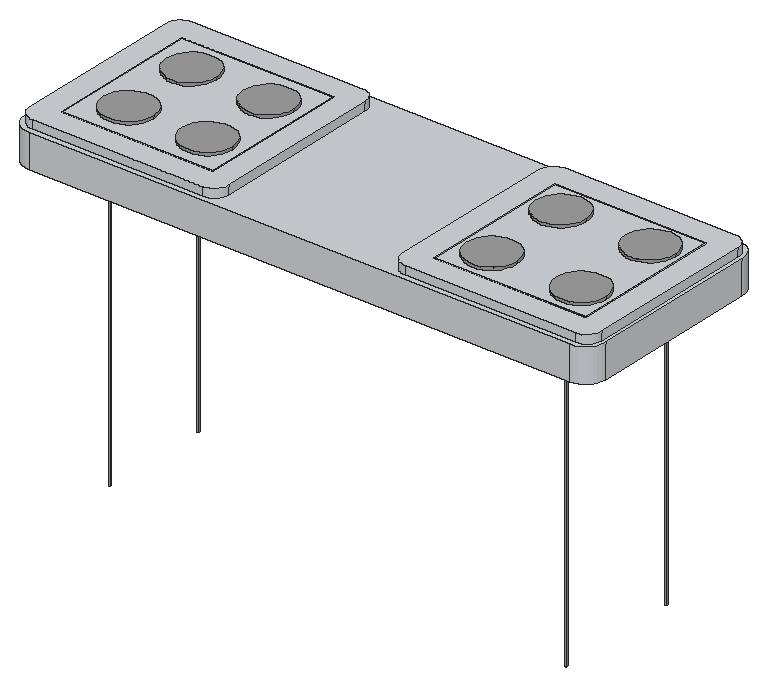
Revit family "Lighting-Industriale-GEWISS-SMART[4]HLO_APPARECCHI-LED_2M_DALI", category Apparecchi per illuminazione, Revit 2019
Family settings
  Quota connettore circolare = Usa diametro
  Tipo di parte = Normale
  Numero OmniClass = 23.80.70.00
  Titolo OmniClass = Lighting
  Basato su piano di lavoro = Sì
  Sempre verticale = No
  Taglio con vuoti quando caricato = No
  Sorgente d'illuminazione = No
  Condiviso = No
  Punto di calcolo locali = No
Parameters (values of type "GWS4223BQ857 - SMART4HB 2M C.PAS.DALI HLO ELL.57K")
  Voltaggio = 230 V
  Viti esterne = "Acciaio inox"
  Versione file RFA = "20.11"
  Vano di alimentazione = "Integrato"
  URL = "https://www.gewiss.com/it/it"
  Tolleranza cromatica = "SDCM = 3"
  Tipologia sorgente luminosa = "LED - Non sostituibile"
  Tipo di installazione e montaggio = "Plafone - Parete - Sospensione"
  Tipo di apparecchio = "Riflettore industriale a LED&nbsp;"
  Tensione di alimentazione = "220 - 240 V"
  Temperatura di stoccaggio = "-40 +70 °C"
  Temperatura di esercizio = "-30°C ÷ +50 °C"
  Temperatura di colore = "5700K"
  Superficie massima esposta al vento : = "0,184 m²"
  Spostamento_y_etichetta [instance] = 0 mm
  Spostamento_y_effettivo_etichetta [instance] = 1500 mm - Spostamento_y_etichetta  # 1500 mm
  Spostamento_x_etichetta [instance] = 0 mm
  Spostamento_X_effettivo_etichetta [instance] = 1500 mm - Spostamento_x_etichetta  # 1500 mm
  SostituibilitÃ  piastra di cablaggio = "Non sostituibile"
  SostituibilitÃ  gruppo ottico = "Non sostituibile"
  Sistema di controllo : = "DALI"
  Sistema di controllo = "1 x DALI DT6"
  Schermo = "Vetro Temprato Spessore 4mm"
  Scheda Tecnica = "https://www.gewiss.com/it/it/search?q=GWS4223BQ857"
  SEO = "High bay"
  Resistenza al filo incandescente = "850 °C"
  Resistenza agli urti = "IK08"
  Produttore = "GEWISS S.p.A."
  Potenza di sistema = "125W"
  Peso (kg): = "6,5"
  Ottica = "Ellittica"
  Offset etichetta W [instance] = 150 mm
  Norma di riferimento = "EN 60598-1 ; EN 60598-2-1 ; EN 60598-2-24"
  Modello = "GWS4223BQ857"
  Materiali = "-"
  Lumen output (lm) = "16000"
  Lampada = "LED"
  Installazione e manutenzione = "-"
  Informazioni generali = "-"
  Indice di resa cromatica = "CRI-80"
  Inclinazione = "Con accessorio staffa"
  Immagine tipo = GWL1311.jpg
  IPEA = "-"
  IFC.TypeObject = ""
  IFC.ExportType = ""
  IFC.ExportAs = ""
  IDT = "39c294b6b8a14fd39c4f066ec01eb55a"
  IDF = "a8eec59c-6afa-41b9-83ec-62c64bb69aaf"
  Guarnizioni = "tipo siliconico antinvecchiamento "
  Gruppo ottico = "Riflettore in PC metallizzato e lenti in PMMA"
  Grado di protezione = "IP66"
  Garanzia = "5 anni"
  Gancio di chiusura = "-"
  Frequenza nominale (Hz) = "50/60 Hz"
  Fissaggio = "-"
  Finitura colore = "Grigio RAL 7035"
  Etichetta wattaggio [instance] = yes
  Trasformatore = none
  Struttura plafoniera = none
  Spessore plafoniera = 40 mm  # constant formula
  Default Elevation = 1219.2 mm  # constant formula
  Proiettsmart2_simb [instance] = yes
  Plafoniera bidimensionale [instance] = not(Proiettsmart2_simb)  # no
  Efficienza luminosa (lm/W) = "128"
  Durata di vita = "L90B10 (Tq+25°C) = 100.000 h - L90B10 (Tq+50°C) = 50.000 h"
  Dispositivo di protezione = "DM 6 kV / CM 10 kV"
  Descrizione = "SMART[4]HB 2M C.PAS.DALI HLO ELL.57K"
  Creato da GEWISS S.p.A. = ""
  Corpo = "PA6 “Halogen Free” caricato fibra vetro"
  Controllo abbagliamento e luminanza = "-"
  Contesto = "Illuminazione di industrie e impianti sportivi"
  Commenti sul wattaggio = "97W"
  Colore = "Grigio RAL 7035"
  Codice digitale univoco (Datamatrix) = "Datamatrix"
  Codice Electrocod = "2444"
  Classificazione: = "-"
  Classificazione = Lighting
  Classe isolamento = "I"
  Classe fotobiologica = "RG0"
  Certificazioni e classificazioni = "-"
  Certificazione DIN 18032-3 = "Con Staffa - Kit Funi + morsetto (in approvazione)"
  Catalogo = "LIGHTING"
  Carico apparente = 97 VA
  Motore = none
  Mascherina = none
  Lunghezza = 699 mm  # constant formula
  Larghezza = 254 mm  # constant formula
  Distanza_tot_plafoniera [instance] = 350 mm
  Dist_sorg_lum = 10 mm  # constant formula
  Caratteristiche ottiche e illuminotecniche = "-"
  Caratteristiche elettriche e gestione della luce = "-"
  Cablaggio = "Con connettore stagno Gw connect"
  COBie.Tagnumber = ""
  COBie.CreatedOn = ""
  COBie.CreatebBy = ""
  COBie.ComponentRegisterItemID = ""
  COBie.Component.TagNumber = ""
  COBie.Component.Space = ""
  COBie.Component.SerialNumber = ""
  COBie.Component.InstallationDate = ""
  COBie.Component.Description = ""
  COBie.Component.BarCode = ""
  Applicazione = "Interno"
  Apparecchio a ridotta temperatura superficiale = "Si"
  Alimentatore = "Incluso"
Types (36, lengths in mm): name | Temperatura di colore | Scheda Tecnica | SEO | Ottica | Modello | Lumen output (lm) | IDT | Gruppo ottico | Efficienza luminosa (lm/W) | Descrizione | Controllo abbagliamento e luminanza
  GWS4221BA830 - SMART4HB 2M ST.AL.DALI HLO ARR.30K | "3000K" | "https://www.gewiss.com/it/it/search?q=GWS4221BA830" | "" | "Array" | "GWS4221BA830" | "17200" | "305e0802b2884175b0874d66c9454589" | "Riflettore in PC metallizzato" | "138" | "SMART[4]HB 2M ST.AL.DALI HLO ARR.30K" | "-"
  GWS4221BA840 - SMART4HB 2M ST.AL.DALI HLO ARR.40K | "4000K" | "https://www.gewiss.com/it/it/search?q=GWS4221BA840" | "" | "Array" | "GWS4221BA840" | "18000" | "48319b3e242d4ee285eba191c9bc2b0f" | "Riflettore in PC metallizzato" | "144" | "SMART[4]HB 2M ST.AL.DALI HLO ARR.40K" | "-"
  GWS4221BA857 - SMART4HB 2M ST.AL.DALI HLO ARR.57K | "5700K" | "https://www.gewiss.com/it/it/search?q=GWS4221BA857" | "" | "Array" | "GWS4221BA857" | "18000" | "3c1aeb9812f744e1b2b858ce26ab9a16" | "Riflettore in PC metallizzato" | "144" | "SMART[4]HB 2M ST.AL.DALI HLO ARR.57K" | "-"
  GWS4221BC830 - SMART4HB 2M ST.AL.DALI HLO ASI.30K | "3000K" | "https://www.gewiss.com/it/it/search?q=GWS4221BC830" | "High bay" | "Asimmetrica" | "GWS4221BC830" | "15300" | "7c4953b1abbe41f4958dd8a6f2de9172" | "Riflettore in PC metallizzato e lenti in PMMA" | "122" | "SMART[4]HB 2M ST.AL.DALI HLO ASI.30K" | "-"
  GWS4221BC840 - SMART4HB 2M ST.AL.DALI HLO ASI.40K | "4000K" | "https://www.gewiss.com/it/it/search?q=GWS4221BC840" | "High bay" | "Asimmetrica" | "GWS4221BC840" | "16000" | "e99936a2076548a6b28538c318da1b29" | "Riflettore in PC metallizzato e lenti in PMMA" | "128" | "SMART[4]HB 2M ST.AL.DALI HLO ASI.40K" | "-"
  GWS4221BC857 - SMART4HB 2M ST.AL.DALI HLO ASI.57K | "5700K" | "https://www.gewiss.com/it/it/search?q=GWS4221BC857" | "High bay" | "Asimmetrica" | "GWS4221BC857" | "16000" | "32a4a94094b94617b264ea332f4f5866" | "Riflettore in PC metallizzato e lenti in PMMA" | "128" | "SMART[4]HB 2M ST.AL.DALI HLO ASI.57K" | "-"
  GWS4221BF830 - SMART4HB 2M ST.AL.DALI HLO 30° 30K | "3000K" | "https://www.gewiss.com/it/it/search?q=GWS4221BF830" | "" | "30°" | "GWS4221BF830" | "16800" | "5d796a9debff438fbed19822c3126807" | "Riflettore in PC metallizzato e lenti in PMMA" | "134" | "SMART[4]HB 2M ST.AL.DALI HLO 30° 30K" | "UGR - 19"
  GWS4221BF840 - SMART4HB 2M ST.AL.DALI HLO 30° 40K | "4000K" | "https://www.gewiss.com/it/it/search?q=GWS4221BF840" | "" | "30°" | "GWS4221BF840" | "17600" | "3dde815b2b5e4de4a401dcf715a18fa9" | "Riflettore in PC metallizzato e lenti in PMMA" | "141" | "SMART[4]HB 2M ST.AL.DALI HLO 30° 40K" | "UGR - 19"
  GWS4221BF857 - SMART4HB 2M ST.AL.DALI HLO 30° 57K | "5700K" | "https://www.gewiss.com/it/it/search?q=GWS4221BF857" | "" | "30°" | "GWS4221BF857" | "17600" | "257de16ae83b4cedbe76fd9b6356118a" | "Riflettore in PC metallizzato e lenti in PMMA" | "141" | "SMART[4]HB 2M ST.AL.DALI HLO 30° 57K" | "UGR - 19"
  GWS4221BH830 - SMART4HB 2M ST.AL.DALI HLO 60° 30K | "3000K" | "https://www.gewiss.com/it/it/search?q=GWS4221BH830" | "" | "60°" | "GWS4221BH830" | "16900" | "10869d9e82b04fc0b956685fb65c71b2" | "Riflettore in PC metallizzato e lenti in PMMA" | "135" | "SMART[4]HB 2M ST.AL.DALI HLO 60° 30K" | "UGR - 22"
  GWS4221BH840 - SMART4HB 2M ST.AL.DALI HLO 60° 40K | "4000K" | "https://www.gewiss.com/it/it/search?q=GWS4221BH840" | "" | "60°" | "GWS4221BH840" | "17700" | "f1c80ae7559e4c568e0ba52d3bc9e502" | "Riflettore in PC metallizzato e lenti in PMMA" | "142" | "SMART[4]HB 2M ST.AL.DALI HLO 60° 40K" | "UGR - 22"
  GWS4221BH857 - SMART4HB 2M ST.AL.DALI HLO 60° 57K | "5700K" | "https://www.gewiss.com/it/it/search?q=GWS4221BH857" | "" | "60°" | "GWS4221BH857" | "17700" | "61e26b36097849a9ba1caefbbecaa66f" | "Riflettore in PC metallizzato e lenti in PMMA" | "142" | "SMART[4]HB 2M ST.AL.DALI HLO 60° 57K" | "UGR - 22"
  GWS4221BP830 - SMART4HB 2M ST.AL.DALI HLO 90° 30K | "3000K" | "https://www.gewiss.com/it/it/search?q=GWS4221BP830" | "" | "90°" | "GWS4221BP830" | "17200" | "8468c4e85319452487319a8fe9c7d5da" | "Riflettore in PC metallizzato e lenti in PMMA" | "138" | "SMART[4]HB 2M ST.AL.DALI HLO 90° 30K" | "UGR - 25"
  GWS4221BP840 - SMART4HB 2M ST.AL.DALI HLO 90° 40K | "4000K" | "https://www.gewiss.com/it/it/search?q=GWS4221BP840" | "" | "90°" | "GWS4221BP840" | "18000" | "f79bd0b1581246f18cf113cb2fa03b1b" | "Riflettore in PC metallizzato e lenti in PMMA" | "144" | "SMART[4]HB 2M ST.AL.DALI HLO 90° 40K" | "UGR - 25"
  GWS4221BP857 - SMART4HB 2M ST.AL.DALI HLO 90° 57K | "5700K" | "https://www.gewiss.com/it/it/search?q=GWS4221BP857" | "" | "90°" | "GWS4221BP857" | "18000" | "e50bbcf79bf04bb5a448bffeeb5c8177" | "Riflettore in PC metallizzato e lenti in PMMA" | "144" | "SMART[4]HB 2M ST.AL.DALI HLO 90° 57K" | "UGR - 25"
  GWS4221BQ830 - SMART4HB 2M ST.AL.DALI HLO ELL.30K | "3000K" | "https://www.gewiss.com/it/it/search?q=GWS4221BQ830" | "High bay" | "Ellittica" | "GWS4221BQ830" | "15300" | "fa7b02eb74d142a69aadf27734c070be" | "Riflettore in PC metallizzato e lenti in PMMA" | "122" | "SMART[4]HB 2M ST.AL.DALI HLO ELL.30K" | "-"
  GWS4221BQ840 - SMART4HB 2M ST.AL.DALI HLO ELL.40K | "4000K" | "https://www.gewiss.com/it/it/search?q=GWS4221BQ840" | "High bay" | "Ellittica" | "GWS4221BQ840" | "16000" | "fe351b05a0584da595ccc50c46de26b2" | "Riflettore in PC metallizzato e lenti in PMMA" | "128" | "SMART[4]HB 2M ST.AL.DALI HLO ELL.40K" | "-"
  GWS4221BQ857 - SMART4HB 2M ST.AL.DALI HLO ELL.57K | "5700K" | "https://www.gewiss.com/it/it/search?q=GWS4221BQ857" | "High bay" | "Ellittica" | "GWS4221BQ857" | "16000" | "955ba562132b47e784c48787841d2224" | "Riflettore in PC metallizzato e lenti in PMMA" | "128" | "SMART[4]HB 2M ST.AL.DALI HLO ELL.57K" | "-"
  GWS4223BA830 - SMART4HB 2M C.PAS.DALI HLO ARR.30K | "3000K" | "https://www.gewiss.com/it/it/search?q=GWS4223BA830" | "" | "Array" | "GWS4223BA830" | "17200" | "09dd760ece9d4a65acaa602b856d1918" | "Riflettore in PC metallizzato" | "138" | "SMART[4]HB 2M C.PAS.DALI HLO ARR.30K" | "-"
  GWS4223BA840 - SMART4HB 2M C.PAS.DALI HLO ARR.40K | "4000K" | "https://www.gewiss.com/it/it/search?q=GWS4223BA840" | "" | "Array" | "GWS4223BA840" | "18000" | "d71b1d5af3e145a4a84e8baba757184d" | "Riflettore in PC metallizzato" | "144" | "SMART[4]HB 2M C.PAS.DALI HLO ARR.40K" | "-"
  GWS4223BA857 - SMART4HB 2M C.PAS.DALI HLO ARR.57K | "5700K" | "https://www.gewiss.com/it/it/search?q=GWS4223BA857" | "" | "Array" | "GWS4223BA857" | "18000" | "9a65faef871548169786bdd6eff75723" | "Riflettore in PC metallizzato" | "144" | "SMART[4]HB 2M C.PAS.DALI HLO ARR.57K" | "-"
  GWS4223BC830 - SMART4HB 2M C.PAS.DALI HLO ASI.30K | "3000K" | "https://www.gewiss.com/it/it/search?q=GWS4223BC830" | "High bay" | "Asimmetrica" | "GWS4223BC830" | "15300" | "bacae56842af4feb960765c1a2b9d270" | "Riflettore in PC metallizzato e lenti in PMMA" | "122" | "SMART[4]HB 2M C.PAS.DALI HLO ASI.30K" | "-"
  GWS4223BC840 - SMART4HB 2M C.PAS.DALI HLO ASI.40K | "4000K" | "https://www.gewiss.com/it/it/search?q=GWS4223BC840" | "High bay" | "Asimmetrica" | "GWS4223BC840" | "16000" | "3c3e554b3ea249ee9d799c9974c81e16" | "Riflettore in PC metallizzato e lenti in PMMA" | "128" | "SMART[4]HB 2M C.PAS.DALI HLO ASI.40K" | "-"
  GWS4223BC857 - SMART4HB 2M C.PAS.DALI HLO ASI.57K | "5700K" | "https://www.gewiss.com/it/it/search?q=GWS4223BC857" | "High bay" | "Asimmetrica" | "GWS4223BC857" | "16000" | "668010aa2dbd41f8aef7a826e166a478" | "Riflettore in PC metallizzato e lenti in PMMA" | "128" | "SMART[4]HB 2M C.PAS.DALI HLO ASI.57K" | "-"
  GWS4223BF830 - SMART4HB 2M C.PAS.DALI HLO 30° 30K | "3000K" | "https://www.gewiss.com/it/it/search?q=GWS4223BF830" | "" | "30°" | "GWS4223BF830" | "16800" | "c2b793b1af36458690d7cd9fce4669f2" | "Riflettore in PC metallizzato e lenti in PMMA" | "134" | "SMART[4]HB 2M C.PAS.DALI HLO 30° 30K" | "UGR - 19"
  GWS4223BF840 - SMART4HB 2M C.PAS.DALI HLO 30° 40K | "4000K" | "https://www.gewiss.com/it/it/search?q=GWS4223BF840" | "" | "30°" | "GWS4223BF840" | "17600" | "da9d660181c14e68a118e0de6e40edab" | "Riflettore in PC metallizzato e lenti in PMMA" | "141" | "SMART[4]HB 2M C.PAS.DALI HLO 30° 40K" | "UGR - 19"
  GWS4223BF857 - SMART4HB 2M C.PAS.DALI HLO 30° 57K | "5700K" | "https://www.gewiss.com/it/it/search?q=GWS4223BF857" | "" | "30°" | "GWS4223BF857" | "17600" | "c8d049504ebf4cf1a9a7d355a2686192" | "Riflettore in PC metallizzato e lenti in PMMA" | "141" | "SMART[4]HB 2M C.PAS.DALI HLO 30° 57K" | "UGR - 19"
  GWS4223BH830 - SMART4HB 2M C.PAS.DALI HLO 60° 30K | "3000K" | "https://www.gewiss.com/it/it/search?q=GWS4223BH830" | "" | "60°" | "GWS4223BH830" | "16900" | "4d4218b0c72d4efaaca4012e7a23380b" | "Riflettore in PC metallizzato e lenti in PMMA" | "135" | "SMART[4]HB 2M C.PAS.DALI HLO 60° 30K" | "UGR - 22"
  GWS4223BH840 - SMART4HB 2M C.PAS.DALI HLO 60° 40K | "4000K" | "https://www.gewiss.com/it/it/search?q=GWS4223BH840" | "" | "60°" | "GWS4223BH840" | "17700" | "568d756372c746129af189eb7106c012" | "Riflettore in PC metallizzato e lenti in PMMA" | "142" | "SMART[4]HB 2M C.PAS.DALI HLO 60° 40K" | "UGR - 22"
  GWS4223BH857 - SMART4HB 2M C.PAS.DALI HLO 60° 57K | "5700K" | "https://www.gewiss.com/it/it/search?q=GWS4223BH857" | "" | "60°" | "GWS4223BH857" | "17700" | "cceff376ef5b4e8995f045f2c5f3c4ba" | "Riflettore in PC metallizzato e lenti in PMMA" | "142" | "SMART[4]HB 2M C.PAS.DALI HLO 60° 57K" | "UGR - 22"
  GWS4223BP830 - SMART4HB 2M C.PAS.DALI HLO 90° 30K | "3000K" | "https://www.gewiss.com/it/it/search?q=GWS4223BP830" | "" | "90°" | "GWS4223BP830" | "17200" | "2d2d75176468466c8814f44ae1f5afd7" | "Riflettore in PC metallizzato e lenti in PMMA" | "138" | "SMART[4]HB 2M C.PAS.DALI HLO 90° 30K" | "UGR - 25"
  GWS4223BP840 - SMART4HB 2M C.PAS.DALI HLO 90° 40K | "4000K" | "https://www.gewiss.com/it/it/search?q=GWS4223BP840" | "" | "90°" | "GWS4223BP840" | "18000" | "082f14df5728403b94540236ceea066b" | "Riflettore in PC metallizzato e lenti in PMMA" | "144" | "SMART[4]HB 2M C.PAS.DALI HLO 90° 40K" | "UGR - 25"
  GWS4223BP857 - SMART4HB 2M C.PAS.DALI HLO 90° 57K | "5700K" | "https://www.gewiss.com/it/it/search?q=GWS4223BP857" | "" | "90°" | "GWS4223BP857" | "18000" | "5ca4f557298944859cfae75bda091273" | "Riflettore in PC metallizzato e lenti in PMMA" | "144" | "SMART[4]HB 2M C.PAS.DALI HLO 90° 57K" | "UGR - 25"
  GWS4223BQ830 - SMART4HB 2M C.PAS.DALI HLO ELL.30K | "3000K" | "https://www.gewiss.com/it/it/search?q=GWS4223BQ830" | "High bay" | "Ellittica" | "GWS4223BQ830" | "15300" | "af831e7ad3cb431ba3228858a17b9c0a" | "Riflettore in PC metallizzato e lenti in PMMA" | "122" | "SMART[4]HB 2M C.PAS.DALI HLO ELL.30K" | "-"
  GWS4223BQ840 - SMART4HB 2M C.PAS.DALI HLO ELL.40K | "4000K" | "https://www.gewiss.com/it/it/search?q=GWS4223BQ840" | "High bay" | "Ellittica" | "GWS4223BQ840" | "16000" | "e7a13dc711434b819b8df68dc097b4dc" | "Riflettore in PC metallizzato e lenti in PMMA" | "128" | "SMART[4]HB 2M C.PAS.DALI HLO ELL.40K" | "-"
  GWS4223BQ857 - SMART4HB 2M C.PAS.DALI HLO ELL.57K | "5700K" | "https://www.gewiss.com/it/it/search?q=GWS4223BQ857" | "High bay" | "Ellittica" | "GWS4223BQ857" | "16000" | "39c294b6b8a14fd39c4f066ec01eb55a" | "Riflettore in PC metallizzato e lenti in PMMA" | "128" | "SMART[4]HB 2M C.PAS.DALI HLO ELL.57K" | "-"
Reference planes
  plane 1 "Asse sorgente illuminazione (F/B)": y = 0
  plane 2: z = 0
  plane 3 "Asse sorgente illuminazione (L/R)": x = 0
  plane 4 "Prospetto sorgente di illuminazione": z = 1500
  plane 5: x = -349.5
  plane 6: y = 127
  plane 7: x = 349.5
  plane 8: y = -127
  plane 9: x = 344.5
  plane 10: x = -344.5
  plane 11: x = -104.5
  plane 12: x = 104.5
  plane 13: y = -1500
  plane 14: z = 390
  plane 15: z = 390
  plane 16: z = 400
  plane 17: z = 350
  plane 18: y = 0
  plane 19: x = -1500
  plane 20: x = 0
Dimensions and locks
  equal spacing: plane 6, plane 1 "Asse sorgente illuminazione (F/B)", plane 8
  "Larghezza": plane 6 to plane 8
  equal spacing: plane 5, plane 3 "Asse sorgente illuminazione (L/R)", plane 7
  "Lunghezza": plane 5 to plane 7
  locked: plane 5 to plane 10 at 5
  locked: plane 9 to plane 7 at 5
  locked: plane 16 to plane 14 at 10
  locked: plane 15 to plane 17 at 40
  "Distanza_tot_plafoniera": plane 17 to plane 2
  plane 1 "Asse sorgente illuminazione (F/B)" to plane 13 = 1500 mm
  "Spostamento_y_effettivo_etichetta": plane 18 to plane 13
  plane 19 to plane 3 "Asse sorgente illuminazione (L/R)" = 1500 mm
  "Spostamento_X_effettivo_etichetta": plane 19 to plane 20
  aligned and locked: level to plane 2
  aligned and locked: nested 15 to plane 14
  aligned and locked: plane 14 to nested 16
  aligned and locked: plane 16 to nested 8
  aligned and locked: nested 6 to plane 16
  aligned and locked: plane 16 to nested 7
  aligned and locked: nested 5 to plane 16
  aligned and locked: nested 3 to plane 16
  aligned and locked: plane 16 to nested 1
  aligned and locked: nested 4 to plane 16
  aligned and locked: plane 16 to nested 2
  aligned and locked: nested 11 to plane 2  (x2)
  aligned and locked: nested 10 to plane 2
  aligned and locked: nested 9 to plane 2
  aligned and locked: plane 14 to plane 15
  aligned and locked: plane 17 to nested 14
  aligned and locked: nested 17 to plane 18
  aligned and locked: nested 17 to plane 20
  aligned and locked: plane 2 to nested 18
  aligned and locked: plane 2 to nested 11
Nested families
  nested 1: "Gewis - Led" at (171.717, 52, 403), type "Gewis - Led", detail levels medium+fine
  nested 2: "Gewis - Led" at (279.5, 52, 403), type "Gewis - Led", detail levels medium+fine
  nested 3: "Gewis - Led" at (171.717, -52, 403), type "Gewis - Led", detail levels medium+fine
  nested 4: "Gewis - Led" at (279.5, -52, 403), type "Gewis - Led", detail levels medium+fine
  nested 5: "Gewis - Led" at (-174.5, 45, 403) x (-1, 0, 0) z (0, 0, 1), type "Gewis - Led", detail levels medium+fine
  nested 6: "Gewis - Led" at (-269.5, 47.625, 403) x (-1, 0, 0) z (0, 0, 1), type "Gewis - Led", detail levels medium+fine
  nested 7: "Gewis - Led" at (-174.5, -47.089, 403) x (-1, 0, 0) z (0, 0, 1), type "Gewis - Led", detail levels medium+fine
  nested 8: "Gewis - Led" at (-269.5, -47.089, 403) x (-1, 0, 0) z (0, 0, 1), type "Gewis - Led", detail levels medium+fine
  nested 9: "Sospensione_ SMART LAB 4" at (274.838, 81.5, 0), Altezza sospensione <- "Distanza_tot_plafoniera", type "Sospensione_ SMART LAB 4"
    with Altezza sospensione 350 mm, Default Elevation 350 mm
  nested 10: "Sospensione_ SMART LAB 4" at (274.838, -69, 0), Altezza sospensione <- "Distanza_tot_plafoniera", type "Sospensione_ SMART LAB 4"
    with Altezza sospensione 350 mm, Default Elevation 350 mm
  nested 11: "Sospensione_ SMART LAB 4" at (-276.662, -66.5, 0), Altezza sospensione <- "Distanza_tot_plafoniera", type "Sospensione_ SMART LAB 4"
    with Altezza sospensione 350 mm, Default Elevation 350 mm
  nested 12: "PROIETTSMART - 2" at (0, 0, 0), visible <- "Proiettsmart2_simb", type "PROIETTSMART - 2"
  nested 13: "Rappr_ bidimensionale_SMART (4)  4 + 4 L " at (0, 0, 0), visible <- "Plafoniera bidimensionale", type "SMART (4)  4 + 4 L_bidimensionale "
  nested 14: "Struttura_SMART 4" at (0, 0, 390), type "SMART 4 HB - 4+4L"
  nested 15: "mascherina_SMART (4)" at (-224.5, 0, 400) x (-1, 0, 0) z (0, 0, 1), type "Maschera_smart (4) 4L", detail levels fine
  nested 16: "mascherina_SMART (4)" at (224.5, 0, 400), type "Maschera_smart (4) 4L", detail levels fine
  nested 17: "ETICHETTA LIGHT" at (0, 0, 0), type "ETICHETTA LIGHT"
  nested 18: "Sospensione_ SMART LAB 4" at (-276.662, 66.5, 0), Altezza sospensione <- "Distanza_tot_plafoniera", type "Sospensione_ SMART LAB 4"
    with Altezza sospensione 350 mm, Default Elevation 350 mm
Connectors
  electrical at (0.009, -0.098, 350), driven by "Carico apparente"
    settings: on nested 14, index 1, voltage 230 V, apparent load 0 VA, apparent load phase1 97 VA, apparent load phase2 0 VA, apparent load phase3 0 VA, power factor 1, load classification "Lighting", number of poles 2, system type 31, power factor state 1, is connector primary yes, connector utility no, sub classification motor no, connector description ""
Definition of nested family "Gewis - Led"
  Parameters (values of type "Gewis - Led")
    Vetro = none
    Raggio led = 30 mm
    Default Elevation = 1219.2 mm
    Estensione vetro = 3 mm
  Reference planes
    plane 1 "Centro (Fronte/Retro)": y = 0
    plane 2: z = 0
    plane 3 "Centro (Sinistra/Destra)": x = 0
  Forms (mm)
    Extrusion 1, solid, material <- "Vetro"
      sketch origin (0, 0, 0) x (1, 0, 0) y (0, 1, 0)
        loop
          circle (0, 0) r 30
      from -3 to 0
  Dimensions and locks
    "Estensione vetro": level to Extrusion 1
    "Raggio led": radius of Extrusion 1 sketch curve
    aligned and locked: level to plane 2
    aligned and locked: level to Extrusion 1
  Automatic sketch dimensions
    plane 1 "Centro (Fronte/Retro)" to Extrusion 1 sketch curve = 0 mm
    Extrusion 1 sketch curve to plane 3 "Centro (Sinistra/Destra)" = 0 mm
Definition of nested family "Sospensione_ SMART LAB 4"
  Parameters (values of type "Sospensione_ SMART LAB 4")
    Default Elevation = 400 mm
    Altezza sospensione [instance] = 500 mm
  Reference planes
    plane 1 "Center (Front/Back)": y = 0
    plane 2: z = 0
    plane 3 "Center (Left/Right)": x = 0
    plane 4: z = 500
    plane 5: z = 30.7
  Forms (mm)
    Extrusion 1, solid
      sketch origin (0, 0, 0) x (1, 0, 0) y (0, 1, 0)
        loop
          circle (0, -0.028) r 1.25
      from 0 to 500
  Lines and regions (mm)
    model lines, not visible
      curve 1: line (0, 0, 0) -> (0, 0, 9.482)
  Dimensions and locks
    "Altezza sospensione": plane 4 to level
    plane 2 to plane 4 = 500 mm
    aligned and locked: level to plane 2
    aligned and locked: Extrusion 1 to plane 2
    aligned and locked: plane 4 to Extrusion 1
  Automatic sketch dimensions
    Extrusion 1 sketch curve to plane 3 "Center (Left/Right)" = 0 mm
    plane 1 "Center (Front/Back)" to Extrusion 1 sketch curve = 0.028 mm
    curve 1 to plane 3 "Center (Left/Right)" = 0 mm
    curve 1 to level = 0 mm
    curve 1 to curve 1 = 9.482 mm
    radius of Extrusion 1 sketch curve = 1.25 mm
Definition of nested family "Struttura_SMART 4"
  Parameters (values of type "SMART 4 HB - 4+4L")
    Struttura plafoniera = none
    Spessore_plafoniera = 40 mm
    Lunghezza = 699 mm
    Larghezza = 254 mm
  Types (2, lengths in mm): name | Lunghezza | Larghezza
    SMART Lab (4) 4L | 383 | 253
    SMART 4 HB - 4+4L | 699 | 254
  Reference planes
    plane 1 "Asse sorgente illuminazione (F/B)": y = 0
    plane 2: z = 0
    plane 3 "Asse sorgente illuminazione (L/R)": x = 0
    plane 4 "Prospetto sorgente di illuminazione": z = -40
    plane 5 "SX": x = -349.5
    plane 6 "DX": x = 349.5
    plane 7 "DIETRO": y = 127
    plane 8 "AVANTI": y = -127
    plane 9: x = 106.5
    plane 10: x = 338.5
    plane 11: y = -116
    plane 12: y = 116
    plane 13: x = -338.5
    plane 14: x = -106.5
  Forms (mm)
    Extrusion 1, solid, material <- "Struttura plafoniera"
      sketch origin (0, 0, 0) x (1, 0, 0) y (0, 1, 0)
        loop
          line (349.5, -102.595) -> (349.5, 102.59)
          arc (349.5, 102.59) -> (342.35, 119.85) -> (325.09, 127) r 24.41
          line (325.09, 127) -> (-325.009, 127)
          arc (-325.009, 127) -> (-342.554, 119.6) -> (-349.5, 101.871) r 24.499
          line (-349.5, 101.871) -> (-349.5, -102.592)
          arc (-349.5, -102.592) -> (-342.351, -119.851) -> (-325.092, -127) r 24.408
          line (-325.092, -127) -> (325.117, -127)
          arc (325.117, -127) -> (342.334, -119.868) -> (349.465, -102.652) r 24.348
      from -40 to 0
  Dimensions and locks
    equal spacing: plane 5 "SX", plane 3 "Asse sorgente illuminazione (L/R)", plane 6 "DX"
    equal spacing: plane 7 "DIETRO", plane 1 "Asse sorgente illuminazione (F/B)", plane 8 "AVANTI"
    "Lunghezza": plane 5 "SX" to plane 6 "DX"
    "Larghezza": plane 7 "DIETRO" to plane 8 "AVANTI"
    locked: plane 7 "DIETRO" to plane 12 at 11
    locked: plane 11 to plane 8 "AVANTI" at 11
    locked: plane 10 to plane 6 "DX" at 11
    locked: plane 9 to plane 10 at 232
    plane 13 to plane 14 = 232 mm
    locked: plane 5 "SX" to plane 13 at 11
    "Spessore_plafoniera": plane 2 to plane 4 "Prospetto sorgente di illuminazione"
    aligned and locked: level to plane 2
    aligned and locked: Extrusion 1 to plane 5 "SX"
    aligned and locked: Extrusion 1 to plane 8 "AVANTI"  (x2)
    aligned and locked: plane 7 "DIETRO" to Extrusion 1
    aligned and locked: plane 6 "DX" to Extrusion 1
    aligned and locked: plane 4 "Prospetto sorgente di illuminazione" to Extrusion 1
    aligned and locked: plane 2 to Extrusion 1
  Automatic sketch dimensions
    Extrusion 1 sketch curve to plane 5 "SX" = 0 mm
    Extrusion 1 sketch curve to plane 8 "AVANTI" = 0 mm
    Extrusion 1 sketch curve to plane 7 "DIETRO" = 0 mm
    Extrusion 1 sketch curve to plane 6 "DX" = 0 mm
    plane 13 to Extrusion 1 sketch curve = 13.408 mm
    plane 13 to Extrusion 1 sketch curve = 13.491 mm
    Extrusion 1 sketch curve to plane 10 = 13.41 mm
    Extrusion 1 sketch curve to plane 10 = 13.383 mm
    plane 11 to Extrusion 1 sketch curve = 13.348 mm
    Extrusion 1 sketch curve to plane 12 = 14.129 mm
    Extrusion 1 sketch curve to Extrusion 1 sketch curve = 0.056 mm
Definition of nested family "mascherina_SMART (4)"
  Parameters (values of type "Maschera_smart (4) 4L")
    Spessore_mascherina = 10 mm
    Default Elevation = 1219.2 mm
    N.intarsi = (Lunghezza_mascherina - (Bordo * 2)) / 15 mm  # 12
    N._intarsi verticale = (Larghezza_mascherina - (Bordo * 2)) / 17 mm  # 11
    Mascherina = none
    Lunghezza_mascherina = 240 mm
    Larghezza_mascherina = 240 mm
    Distanza_intarsi v. = 41 mm  # constant formula
    Distanza_intarsi = 37 mm  # constant formula
    Bordo = 29 mm
  Reference planes
    plane 1 "Centro (Fronte/Retro)": y = 0
    plane 2: z = 0
    plane 3 "Centro (Sinistra/Destra)": x = 0
    plane 4: x = -120
    plane 5 "Dietro": y = 120
    plane 6: x = 120
    plane 7: y = -120
    plane 8: x = -91
    plane 9: y = -91
    plane 10: x = 91
    plane 11: y = 91
    plane 12: x = -83
    plane 13: y = 94.742
    plane 14: y = -95
    plane 15: z = -10
    plane 16: x = -95
    plane 17: y = 79
    plane 18: y = -79
    plane 19: x = 95
    plane 20: z = -4.799
  Forms (mm)
    Extrusion 1, solid, material <- "Mascherina"
      sketch origin (0, 0, 0) x (1, 0, 0) y (0, 1, 0)
        loop
          arc (-102.5, 120) -> (-114.874, 114.874) -> (-120, 102.5) r 17.5
          line (-120, 102.5) -> (-120, -102.5)
          arc (-120, -102.5) -> (-114.874, -114.874) -> (-102.5, -120) r 17.5
          line (-102.5, -120) -> (102.5, -120)
          arc (102.5, -120) -> (114.874, -114.874) -> (120, -102.5) r 17.5
          line (120, -102.5) -> (120, 102.5)
          arc (120, 102.5) -> (114.874, 114.874) -> (102.5, 120) r 17.5
          line (102.5, 120) -> (-102.5, 120)
        loop
          line (-91, 91) -> (-91, -91) -> (91, -91) -> (91, 91) -> (-91, 91)
      from -10 to 0
    Extrusion 2, solid, material <- "Mascherina"
      sketch origin (0, 0, 0) x (1, 0, 0) y (0, 1, 0)
        loop
          line (-91, 91) -> (-91, -91) -> (91, -91) -> (91, 91) -> (-91, 91)
      from -4.799 to 0
  Dimensions and locks
    equal spacing: plane 4, plane 3 "Centro (Sinistra/Destra)", plane 6
    "Lunghezza_mascherina": plane 4 to plane 6
    equal spacing: plane 5 "Dietro", plane 1 "Centro (Fronte/Retro)", plane 7
    "Larghezza_mascherina": plane 5 "Dietro" to plane 7
    "Bordo": plane 4 to plane 8
    "Bordo": plane 9 to plane 7
    "Bordo": plane 5 "Dietro" to plane 11
    "Bordo": plane 10 to plane 6
    "Distanza_intarsi": plane 4 to plane 12
    locked: plane 13 to plane 11 at 3.742
    "Spessore_mascherina": plane 2 to plane 15
    "Distanza_intarsi v.": plane 5 "Dietro" to plane 17
    "Distanza_intarsi v.": plane 18 to plane 7
    locked: plane 9 to plane 14 at 4
    locked: plane 16 to plane 8 at 4
    locked: plane 10 to plane 19 at 4
    locked: plane 2 to plane 20 at 4.799
    radius of Extrusion 1 sketch curve = 17.5 mm  (x4)
    aligned and locked: level to plane 2
    aligned and locked: plane 4 to Extrusion 1 sketch curve
    aligned and locked: plane 6 to Extrusion 1 sketch curve
    aligned and locked: Extrusion 1 sketch curve to plane 5 "Dietro"
    aligned and locked: Extrusion 1 sketch curve to plane 7
    aligned and locked: Extrusion 1 sketch curve to plane 11
    aligned and locked: plane 8 to Extrusion 1 sketch curve
    aligned and locked: plane 9 to Extrusion 1 sketch curve
    aligned and locked: Extrusion 1 sketch curve to plane 10
    aligned and locked: plane 2 to Extrusion 1
    aligned and locked: Extrusion 1 to plane 15
    aligned and locked: Extrusion 2 sketch curve to plane 10
    aligned and locked: plane 9 to Extrusion 2 sketch curve
    aligned and locked: plane 8 to Extrusion 2 sketch curve
    aligned and locked: Extrusion 2 sketch curve to plane 11
    aligned and locked: plane 2 to Extrusion 2
    aligned and locked: Extrusion 2 to plane 20
Definition of nested family "PROIETTSMART - 2"
  Reference planes
    plane 1 "Centro (Fronte/Retro)": y = 0
    plane 2: z = 0
    plane 3 "Centro (Sinistra/Destra)": x = 0
  Lines and regions (mm)
    model lines, in view "Livello rif."
      curve 1: line (87.132, -21.515, 0) -> (43.932, -0.008, 0)
      curve 2: line (43.932, -0.008, 0) -> (87.132, 21.758, 0)
      curve 3: line (87.132, 21.758, 0) -> (87.132, -21.515, 0)
      curve 4: line (43.932, 21.629, 0) -> (43.932, -21.645, 0)
      curve 5: line (43.932, -0.008, 0) -> (18.672, -0.008, 0)
      curve 6: line (87.132, 0.122, 0) -> (105.785, 0.122, 0)
      curve 7: line (128.701, 66.747, 0) -> (128.701, -66.747, 0)
      curve 8: line (128.701, -66.747, 0) -> (-131.299, -66.747, 0)
      curve 9: line (-131.299, -66.747, 0) -> (-131.299, 66.747, 0)
      curve 10: line (-131.299, 66.747, 0) -> (128.701, 66.747, 0)
      curve 11: line (12.311, 49.667, 0) -> (111.66, 49.667, 0)
      curve 12: line (111.66, 49.667, 0) -> (111.66, -49.683, 0)
      curve 13: line (111.66, -49.683, 0) -> (12.311, -49.683, 0)
      curve 14: line (12.311, -49.683, 0) -> (12.311, 49.667, 0)
      curve 15: line (-39.438, -21.515, 0) -> (-82.637, -0.008, 0)
      curve 16: line (-82.637, -0.008, 0) -> (-39.438, 21.758, 0)
      curve 17: line (-39.438, 21.758, 0) -> (-39.438, -21.515, 0)
      curve 18: line (-82.637, 21.629, 0) -> (-82.637, -21.645, 0)
      curve 19: line (-82.637, -0.008, 0) -> (-107.898, -0.008, 0)
      curve 20: line (-39.438, 0.122, 0) -> (-20.785, 0.122, 0)
      curve 21: line (-114.259, 49.667, 0) -> (-14.909, 49.667, 0)
      curve 22: line (-14.909, 49.667, 0) -> (-14.909, -49.683, 0)
      curve 23: line (-14.909, -49.683, 0) -> (-114.259, -49.683, 0)
      curve 24: line (-114.259, -49.683, 0) -> (-114.259, 49.667, 0)
Definition of nested family "Rappr_ bidimensionale_SMART (4)  4 + 4 L "
  Reference planes
    plane 1 "Centro (Fronte/Retro)": y = 0
    plane 2: z = 0
    plane 3 "Centro (Sinistra/Destra)": x = 0
  Lines and regions (mm)
    model lines, in view "Livello rif."
      curve 1: circle (175.602, 47.039, 0) r 28.619 normal (0, 0, 1)
      curve 2: circle (269.602, -46.961, 0) r 28.619 normal (0, 0, 1)
      curve 3: circle (175.602, -46.961, 0) r 28.619 normal (0, 0, 1)
      curve 4: circle (269.602, 47.039, 0) r 28.619 normal (0, 0, 1)
      curve 5: arc (103.203, -104.051, 0) -> (107.722, -114.924, 0) -> (118.601, -119.425, 0) r 15.398
      curve 6: arc (-118.547, -119.425, 0) -> (-107.659, -114.915, 0) -> (-103.149, -104.027, 0) r 15.398
      curve 7: arc (-103.149, 103.973, 0) -> (-107.668, 114.87, 0) -> (-118.571, 119.371, 0) r 15.398
      curve 8: arc (-326.571, 119.371, 0) -> (-337.453, 114.844, 0) -> (-341.945, 103.948, 0) r 15.398
      curve 9: arc (-341.945, -104.002, 0) -> (-337.444, -114.906, 0) -> (-326.547, -119.425, 0) r 15.398
      curve 10: arc (326.601, -119.425, 0) -> (337.498, -114.906, 0) -> (342, -104.002, 0) r 15.398
      curve 11: arc (342, 103.998, 0) -> (337.472, 114.878, 0) -> (326.577, 119.371, 0) r 15.398
      curve 12: arc (118.577, 119.371, 0) -> (107.713, 114.861, 0) -> (103.203, 103.997, 0) r 15.398
      curve 13: arc (-349.401, -104, 0) -> (-342.727, -120.168, 0) -> (-326.575, -126.881, 0) r 22.854
      curve 14: arc (-326.574, 126.827, 0) -> (-342.707, 120.133, 0) -> (-349.401, 104, 0) r 22.854
      curve 15: arc (349.455, 104, 0) -> (342.742, 120.152, 0) -> (326.574, 126.827, 0) r 22.854
      curve 16: arc (326.573, -126.881, 0) -> (342.761, -120.187, 0) -> (349.455, -104, 0) r 22.854
      curve 17: circle (-175.548, -47.093, 0) r 28.619 normal (0, 0, 1)
      curve 18: circle (-269.548, 46.907, 0) r 28.619 normal (0, 0, 1)
      curve 19: circle (-175.548, 46.907, 0) r 28.619 normal (0, 0, 1)
      curve 20: circle (-269.548, -47.093, 0) r 28.619 normal (0, 0, 1)
      curve 21: line (130.101, -92.527, 0) -> (130.101, 92.473, 0)
      curve 22: line (130.101, 92.473, 0) -> (315.101, 92.473, 0)
      curve 23: line (315.101, 92.473, 0) -> (315.101, -92.527, 0)
      curve 24: line (315.101, -92.527, 0) -> (130.101, -92.527, 0)
      curve 25: line (103.203, -104.051, 0) -> (103.203, 103.997, 0)
      curve 26: line (118.601, -119.425, 0) -> (326.601, -119.425, 0)
      curve 27: line (-326.547, -119.425, 0) -> (-118.547, -119.425, 0)
      curve 28: line (-103.149, -104.027, 0) -> (-103.149, 103.973, 0)
      curve 29: line (-326.571, 119.371, 0) -> (-118.571, 119.371, 0)
      curve 30: line (-341.945, -104.002, 0) -> (-341.945, 103.948, 0)
      curve 31: line (342, -104.002, 0) -> (342, 103.998, 0)
      curve 32: line (118.577, 119.371, 0) -> (326.577, 119.371, 0)
      curve 33: line (-349.401, -104, 0) -> (-349.401, 104, 0)
      curve 34: line (326.574, 126.827, 0) -> (-326.574, 126.827, 0)
      curve 35: line (349.455, -104, 0) -> (349.455, 104, 0)
      curve 36: line (326.573, -126.881, 0) -> (-326.575, -126.881, 0)
      curve 37: line (-130.047, -92.527, 0) -> (-315.047, -92.527, 0)
      curve 38: line (-315.047, -92.527, 0) -> (-315.047, 92.473, 0)
      curve 39: line (-315.047, 92.473, 0) -> (-130.047, 92.473, 0)
      curve 40: line (-130.047, 92.473, 0) -> (-130.047, -92.527, 0)
Definition of nested family "ETICHETTA LIGHT"
  Parameters (values of type "ETICHETTA LIGHT")
    COMMENTI = "236W"
  Reference planes
    plane 1: y = 0
    plane 2: x = 0
  Text (mm)
    label "COMMENTI" at (-0.057, 0.105, 0), shows "COMMENTI"
